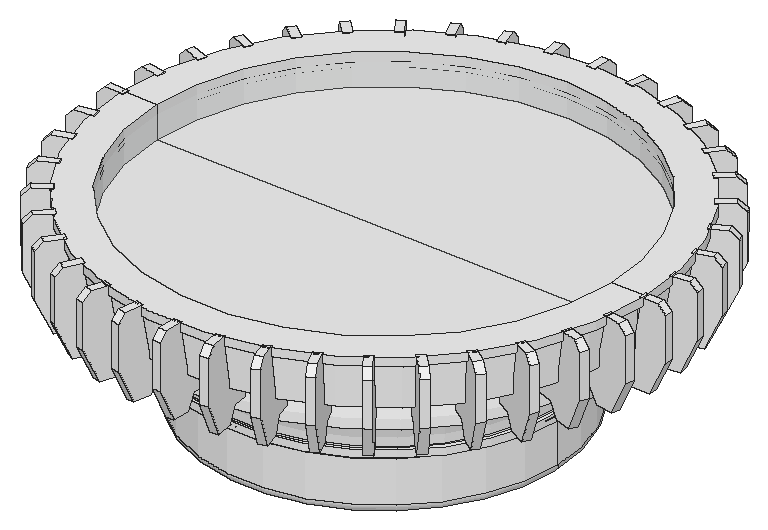
Revit family "HBLHA", category Lighting Fixtures, host Face, Revit 2014 (continued)
Definition of nested family "KHL"
  Automatic sketch dimensions
    Extrusion 34 sketch curve to Extrusion 34 sketch curve = 0.15753"
    Extrusion 35 sketch curve to Extrusion 35 sketch curve = 0.50721"
    Extrusion 35 sketch curve to Extrusion 35 sketch curve = 0.250"  (x3)
    Extrusion 35 sketch curve to Extrusion 35 sketch curve = 0.80078"
    Extrusion 35 sketch curve to Extrusion 35 sketch curve = 0.19714"
    Extrusion 35 sketch curve to Extrusion 35 sketch curve = 0.5625"
    Extrusion 35 sketch curve to Extrusion 35 sketch curve = 0.57179"
    Extrusion 35 sketch curve to Extrusion 35 sketch curve = 0.43301"
    Extrusion 35 sketch curve to Extrusion 35 sketch curve = 1.02515"
    Extrusion 35 sketch curve to Extrusion 35 sketch curve = 0.80901"
    Extrusion 35 sketch curve to Extrusion 35 sketch curve = 0.99442"
    Extrusion 35 sketch curve to Extrusion 35 sketch curve = 0.15753"
    Extrusion 36 sketch curve to Extrusion 36 sketch curve = 0.50721"
    Extrusion 36 sketch curve to Extrusion 36 sketch curve = 0.250"  (x3)
    Extrusion 36 sketch curve to Extrusion 36 sketch curve = 0.80078"
    Extrusion 36 sketch curve to Extrusion 36 sketch curve = 0.19714"
    Extrusion 36 sketch curve to Extrusion 36 sketch curve = 0.5625"
    Extrusion 36 sketch curve to Extrusion 36 sketch curve = 0.57179"
    Extrusion 36 sketch curve to Extrusion 36 sketch curve = 0.43301"
    Extrusion 36 sketch curve to Extrusion 36 sketch curve = 1.02515"
    Extrusion 36 sketch curve to Extrusion 36 sketch curve = 0.80901"
    Extrusion 36 sketch curve to Extrusion 36 sketch curve = 0.99442"
    Extrusion 36 sketch curve to Extrusion 36 sketch curve = 0.15753"
    Extrusion 37 sketch curve to Extrusion 37 sketch curve = 0.50721"
    Extrusion 37 sketch curve to Extrusion 37 sketch curve = 0.250"  (x3)
    Extrusion 37 sketch curve to Extrusion 37 sketch curve = 0.80078"
    Extrusion 37 sketch curve to Extrusion 37 sketch curve = 0.19714"
    Extrusion 37 sketch curve to Extrusion 37 sketch curve = 0.5625"
    Extrusion 37 sketch curve to Extrusion 37 sketch curve = 0.57179"
    Extrusion 37 sketch curve to Extrusion 37 sketch curve = 0.43301"
    Extrusion 37 sketch curve to Extrusion 37 sketch curve = 1.02515"
    Extrusion 37 sketch curve to Extrusion 37 sketch curve = 0.80901"
    Extrusion 37 sketch curve to Extrusion 37 sketch curve = 0.99442"
    Extrusion 37 sketch curve to Extrusion 37 sketch curve = 0.15753"
    Extrusion 38 sketch curve to Extrusion 38 sketch curve = 0.50721"
    Extrusion 38 sketch curve to Extrusion 38 sketch curve = 0.250"  (x3)
    Extrusion 38 sketch curve to Extrusion 38 sketch curve = 0.80078"
    Extrusion 38 sketch curve to Extrusion 38 sketch curve = 0.19714"
    Extrusion 38 sketch curve to Extrusion 38 sketch curve = 0.5625"
    Extrusion 38 sketch curve to Extrusion 38 sketch curve = 0.57179"
    Extrusion 38 sketch curve to Extrusion 38 sketch curve = 0.43301"
    Extrusion 38 sketch curve to Extrusion 38 sketch curve = 1.02515"
    Extrusion 38 sketch curve to Extrusion 38 sketch curve = 0.80901"
    Extrusion 38 sketch curve to Extrusion 38 sketch curve = 0.99442"
    Extrusion 38 sketch curve to Extrusion 38 sketch curve = 0.15753"
    Extrusion 39 sketch curve to Extrusion 39 sketch curve = 0.50721"
    Extrusion 39 sketch curve to Extrusion 39 sketch curve = 0.250"  (x3)
    Extrusion 39 sketch curve to Extrusion 39 sketch curve = 0.80078"
    Extrusion 39 sketch curve to Extrusion 39 sketch curve = 0.19714"
    Extrusion 39 sketch curve to Extrusion 39 sketch curve = 0.5625"
    Extrusion 39 sketch curve to Extrusion 39 sketch curve = 0.57179"
    Extrusion 39 sketch curve to Extrusion 39 sketch curve = 0.43301"
    Extrusion 39 sketch curve to Extrusion 39 sketch curve = 1.02515"
    Extrusion 39 sketch curve to Extrusion 39 sketch curve = 0.80901"
    Extrusion 39 sketch curve to Extrusion 39 sketch curve = 0.99442"
    Extrusion 39 sketch curve to Extrusion 39 sketch curve = 0.15753"
    Extrusion 40 sketch curve to Extrusion 40 sketch curve = 0.50721"
    Extrusion 40 sketch curve to Extrusion 40 sketch curve = 0.250"  (x3)
    Extrusion 40 sketch curve to Extrusion 40 sketch curve = 0.80078"
    Extrusion 40 sketch curve to Extrusion 40 sketch curve = 0.19714"
    Extrusion 40 sketch curve to Extrusion 40 sketch curve = 0.5625"
    Extrusion 40 sketch curve to Extrusion 40 sketch curve = 0.57179"
    Extrusion 40 sketch curve to Extrusion 40 sketch curve = 0.43301"
    Extrusion 40 sketch curve to Extrusion 40 sketch curve = 1.02515"
    Extrusion 40 sketch curve to Extrusion 40 sketch curve = 0.80901"
    Extrusion 40 sketch curve to Extrusion 40 sketch curve = 0.99442"
    Extrusion 40 sketch curve to Extrusion 40 sketch curve = 0.15753"
    Extrusion 41 sketch curve to Extrusion 41 sketch curve = 0.50721"
    Extrusion 41 sketch curve to Extrusion 41 sketch curve = 0.250"  (x3)
    Extrusion 41 sketch curve to Extrusion 41 sketch curve = 0.80078"
    Extrusion 41 sketch curve to Extrusion 41 sketch curve = 0.19714"
    Extrusion 41 sketch curve to Extrusion 41 sketch curve = 0.5625"
    Extrusion 41 sketch curve to Extrusion 41 sketch curve = 0.57179"
    Extrusion 41 sketch curve to Extrusion 41 sketch curve = 0.43301"
    Extrusion 41 sketch curve to Extrusion 41 sketch curve = 1.02515"
    Extrusion 41 sketch curve to Extrusion 41 sketch curve = 0.80901"
    Extrusion 41 sketch curve to Extrusion 41 sketch curve = 0.99442"
    Extrusion 41 sketch curve to Extrusion 41 sketch curve = 0.15753"
    Extrusion 42 sketch curve to Extrusion 42 sketch curve = 0.50721"
    Extrusion 42 sketch curve to Extrusion 42 sketch curve = 0.250"  (x3)
    Extrusion 42 sketch curve to Extrusion 42 sketch curve = 0.80078"
    Extrusion 42 sketch curve to Extrusion 42 sketch curve = 0.19714"
    Extrusion 42 sketch curve to Extrusion 42 sketch curve = 0.5625"
    Extrusion 42 sketch curve to Extrusion 42 sketch curve = 0.57179"
    Extrusion 42 sketch curve to Extrusion 42 sketch curve = 0.43301"
    Extrusion 42 sketch curve to Extrusion 42 sketch curve = 1.02515"
    Extrusion 42 sketch curve to Extrusion 42 sketch curve = 0.80901"
    Extrusion 42 sketch curve to Extrusion 42 sketch curve = 0.99442"
    Extrusion 42 sketch curve to Extrusion 42 sketch curve = 0.15753"
    Extrusion 43 sketch curve to Extrusion 43 sketch curve = 0.50721"
    Extrusion 43 sketch curve to Extrusion 43 sketch curve = 0.250"  (x3)
    Extrusion 43 sketch curve to Extrusion 43 sketch curve = 0.80078"
    Extrusion 43 sketch curve to Extrusion 43 sketch curve = 0.19714"
    Extrusion 43 sketch curve to Extrusion 43 sketch curve = 0.5625"
    Extrusion 43 sketch curve to Extrusion 43 sketch curve = 0.57179"
    Extrusion 43 sketch curve to Extrusion 43 sketch curve = 0.43301"
    Extrusion 43 sketch curve to Extrusion 43 sketch curve = 1.02515"
    Extrusion 43 sketch curve to Extrusion 43 sketch curve = 0.80901"
    Extrusion 43 sketch curve to Extrusion 43 sketch curve = 0.99442"
    Extrusion 43 sketch curve to Extrusion 43 sketch curve = 0.15753"
    Revolve 2 sketch curve to plane 3 "Center (Left/Right)" = 0.000"  (x2)
    Revolve 2 sketch curve to plane 8 = 0.1875"
    Revolve 2 sketch curve to plane 4 = 0.000"
    level to Revolve 2 sketch curve = 0.250"
    plane 8 to Revolve 2 sketch curve = 0.250"
    Revolve 2 sketch curve to Revolve 2 sketch curve = 0.18132"
    Revolve 2 sketch curve to plane 8 = 0.29677"
    Revolve 2 sketch curve to plane 8 = 0.32044"
    plane 6 to Revolve 2 sketch curve = 0.41781"
    plane 6 to Revolve 2 sketch curve = 0.2151"
    plane 6 to Revolve 2 sketch curve = 0.04698"
    plane 6 to Revolve 2 sketch curve = 0.01615"
    Revolve 2 sketch curve to plane 4 = 0.25493"
    Revolve 2 sketch curve to plane 6 = 0.78125"
    Revolve 2 sketch curve to Revolve 2 sketch curve = 0.250"
    Revolve 2 sketch curve to Revolve 2 sketch curve = 0.22746"
    Revolve 2 sketch curve to Revolve 2 sketch curve = 0.05014"
    Revolve 2 sketch curve to Revolve 2 sketch curve = 0.07308"
    Revolve 2 sketch curve to Revolve 2 sketch curve = 0.56496"
    Revolve 2 sketch curve to level = 4.500"
    plane 4 to Revolve 2 sketch curve = 2.500"
